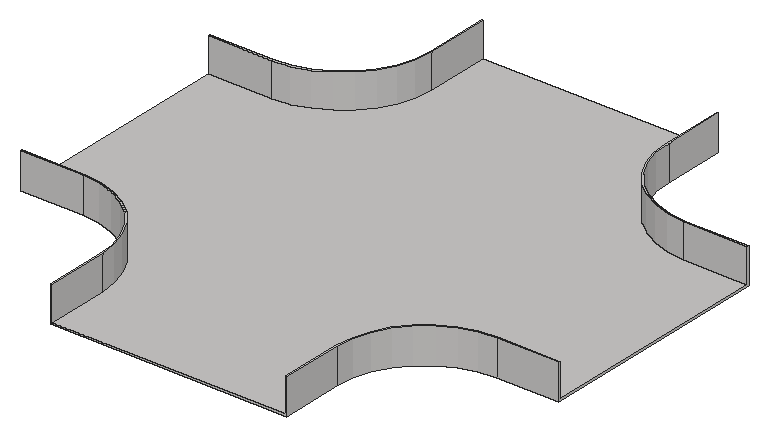
Revit family "Cable_Tray_Fitting-Ventilated_Tray-OBO_Bettermann-Channel_Horizontal_Cross_Over_400-600-MKS_Magic", category Cable Tray Fittings, Revit 2012
Parameters (values of type "Hot Dipped Galvanised")
  URL = "http://www.obo-bettermann.com/"
  Tray Width 3 [instance] = 400 mm
  Tray Width 1 [instance] = 400 mm
  Tray Length [instance] = 1.588 mm
  Tray Height [instance] = 60 mm
  built-in parameter 1140111 [instance] = 2.58 mm
  Radius Label 1 = Radius + 2.6 mm  # 152.6 mm
  Radius Label [instance] = Radius  # 150 mm
  Radius = 150 mm
  Product Page URL = "http://catalog2.obo-bettermann.com/catalogue/catalogue.do?favOid=kts_315277&act=showIO&lang=en&action=start&catId=KTS&forward=showSolutionView"
  Product Documentation Link = ""
  Pre Galvanized = yes
  Model = "MKS-Magic"
  Manufacturer = "OBO Bettermann"
  Description = "Ventilated Cable Tray"
  Connector Description 4 = "Connector for Cable Tray 4"  # constant formula
  Connector Description 3 = "Connector for Cable Tray 3"  # constant formula
  Connector Description 2 = "Connector for Cable Tray 2"  # constant formula
  Connector Description = "Connector for Cable Tray 1"  # constant formula
  Classification = "Refer to online Catalog for UL and cUL classifed sizes and wire sizes."
  Cable Tray Material = Metal - OBO Bettermann - Hot-Dipped-Galvanised
  Assembly Code = "D5030600"
Types (2, lengths in mm): name | Cable Tray Material
  Stripped Galvanised | Metal - OBO Bettermann - Strip-Galvanised
  Hot Dipped Galvanised | Metal - OBO Bettermann - Hot-Dipped-Galvanised
Reference planes
  plane 1 "Center (Front/Back)": y = 0
  plane 2: z = 0
  plane 3 "Center (Left/Right)": x = 0
  plane 4: y = 200
  plane 5: y = -200
  plane 6: z = 30
  plane 7: z = -30
  plane 8: y = -453.413
  plane 9: x = -200
  plane 10: x = 200
  plane 11: x = -453.412
  plane 12: x = 453.413
  plane 13: y = -197.42
  plane 14: y = 197.42
  plane 15: y = -455
  plane 16: x = -197.42
  plane 17: x = 197.42
  plane 18: x = -455
  plane 19: x = 455
  plane 20: z = -27.42
  plane 21: y = 453.412
  plane 22: y = 455
Forms (mm)
  Extrusion 1, solid, material "Metal - OBO Bettermann - Hot-Dipped-Galvanised" <- "Cable Tray Material", detail levels medium+fine
    sketch origin (377.212, 0, 0) x (1, 0, 0) y (0, 1, 0)
      loop
        line (-832.212, -197.42) -> (-832.212, -200) -> (-727.212, -200)
        arc (-727.212, -200) -> (-621.146, -243.934) -> (-577.212, -350) r 150
        line (-577.212, -350) -> (-577.212, -455) -> (-574.633, -455) -> (-574.633, -347.51)
        arc (-574.633, -347.51) -> (-619.308, -242.096) -> (-724.723, -197.42) r 152.6
        line (-724.723, -197.42) -> (-832.212, -197.42)
      loop
        line (-27.212, -200) -> (77.788, -200) -> (77.788, -197.42) -> (-29.702, -197.42)
        arc (-29.702, -197.42) -> (-135.117, -242.096) -> (-179.792, -347.51) r 152.6
        line (-179.792, -347.51) -> (-179.792, -455) -> (-177.212, -455) -> (-177.212, -350)
        arc (-177.212, -350) -> (-133.279, -243.934) -> (-27.212, -200) r 150
      loop
        line (-832.212, 197.42) -> (-724.723, 197.42)
        arc (-724.723, 197.42) -> (-619.308, 242.096) -> (-574.633, 347.51) r 152.6
        line (-574.633, 347.51) -> (-574.633, 455) -> (-577.212, 455) -> (-577.212, 350)
        arc (-577.212, 350) -> (-621.146, 243.934) -> (-727.212, 200) r 150
        line (-727.212, 200) -> (-832.212, 200) -> (-832.212, 197.42)
      loop
        arc (-27.212, 200) -> (-133.279, 243.934) -> (-177.212, 350) r 150
        line (-177.212, 350) -> (-177.212, 455) -> (-179.792, 455) -> (-179.792, 347.51)
        arc (-179.792, 347.51) -> (-135.117, 242.096) -> (-29.702, 197.42) r 152.6
        line (-29.702, 197.42) -> (77.788, 197.42) -> (77.788, 200) -> (-27.212, 200)
    from -30 to 30
  Extrusion 2, solid, material "Metal - OBO Bettermann - Hot-Dipped-Galvanised" <- "Cable Tray Material", detail levels medium+fine
    sketch origin (0, 0, 0) x (1, 0, 0) y (0, 1, 0)
      loop
        line (-455, 200) -> (-455, -200) -> (-350, -200)
        arc (-350, -200) -> (-243.934, -243.934) -> (-200, -350) r 150
        line (-200, -350) -> (-200, -455) -> (200, -455) -> (200, -350)
        arc (200, -350) -> (243.934, -243.934) -> (350, -200) r 150
        line (350, -200) -> (455, -200) -> (455, 200) -> (350, 200)
        arc (350, 200) -> (243.934, 243.934) -> (200, 350) r 150
        line (200, 350) -> (200, 455) -> (-200, 455) -> (-200, 350)
        arc (-200, 350) -> (-243.934, 243.934) -> (-350, 200) r 150
        line (-350, 200) -> (-455, 200)
    from -30 to -27.42
  Extrusion 3, solid, material "Metal - OBO Bettermann - Hot-Dipped-Galvanised" <- "Cable Tray Material", detail levels medium
    sketch origin (0, 0, 0) x (1, 0, 0) y (0, 1, 0)
      loop
        line (-455, 200) -> (-455, -200) -> (-350, -200)
        arc (-350, -200) -> (-243.934, -243.934) -> (-200, -350) r 150
        line (-200, -350) -> (-200, -455) -> (200, -455) -> (200, -350)
        arc (200, -350) -> (243.934, -243.934) -> (350, -200) r 150
        line (350, -200) -> (455, -200) -> (455, 200) -> (350, 200)
        arc (350, 200) -> (243.934, 243.934) -> (200, 350) r 150
        line (200, 350) -> (200, 455) -> (-200, 455) -> (-200, 350)
        arc (-200, 350) -> (-243.934, 243.934) -> (-350, 200) r 150
        line (-350, 200) -> (-455, 200)
    from -30 to 30
Cuts and joins
  joined: Extrusion 1, Extrusion 2
Lines and regions (mm)
  model lines, style "Coarse View", detail levels coarse
    curve 1: line (-455, 0, 0) -> (455, 0, 0)
    curve 2: line (0, 0, 0) -> (0, -455, 0)
    curve 3: line (0, 455, 0) -> (0, 0, 0)
  symbolic lines, detail levels fine
    curve 4: line (197.42, 455, 0) -> (197.42, 453.412, 0)
    curve 5: line (453.413, 197.42, 0) -> (455, 197.42, 0)
    curve 6: line (455, -197.42, 0) -> (453.413, -197.42, 0)
    curve 7: line (197.42, -453.413, 0) -> (197.42, -455, 0)
    curve 8: line (-197.42, -455, 0) -> (-197.42, -453.413, 0)
    curve 9: line (-453.412, -197.42, 0) -> (-455, -197.42, 0)
    curve 10: line (-200, -350, 0) -> (-200, -455, 0)
    curve 11: arc (-350, -200, 0) -> (-243.934, -243.934, 0) -> (-200, -350, 0) r 150
    curve 12: line (-455, -200, 0) -> (-350, -200, 0)
    curve 13: line (350, -200, 0) -> (455, -200, 0)
    curve 14: arc (200, -350, 0) -> (243.934, -243.934, 0) -> (350, -200, 0) r 150
    curve 15: line (200, -455, 0) -> (200, -350, 0)
    curve 16: line (200, 350, 0) -> (200, 455, 0)
    curve 17: arc (350, 200, 0) -> (243.934, 243.934, 0) -> (200, 350, 0) r 150
    curve 18: line (455, 200, 0) -> (350, 200, 0)
    curve 19: line (-350, 200, 0) -> (-455, 200, 0)
    curve 20: arc (-200, 350, 0) -> (-243.934, 243.934, 0) -> (-350, 200, 0) r 150
    curve 21: line (-200, 455, 0) -> (-200, 350, 0)
Dimensions and locks
  equal spacing: plane 4, plane 1 "Center (Front/Back)", plane 5
  "Tray Width 1": plane 4 to plane 5
  equal spacing: plane 6, plane 2, plane 7
  "Tray Height": plane 6 to plane 7
  equal spacing: plane 9, plane 3 "Center (Left/Right)", plane 10
  "Tray Width 3": plane 9 to plane 10
  "built-in parameter 1140111": plane 13 to plane 5
  "built-in parameter 1140111": plane 4 to plane 14
  "Tray Length": plane 8 to plane 15
  "built-in parameter 1140111": plane 9 to plane 16
  "built-in parameter 1140111": plane 17 to plane 10
  "Tray Length": plane 18 to plane 11
  "Tray Length": plane 12 to plane 19
  "built-in parameter 1140111": plane 20 to plane 7
  "Tray Length": plane 21 to plane 22
  locked: plane 18 to plane 9 at 255
  locked: plane 10 to plane 19 at 255
  equal spacing: plane 18, plane 3 "Center (Left/Right)", plane 19
  locked: plane 4 to plane 22 at 255
  locked: plane 5 to plane 15 at 255
  equal spacing: plane 15, plane 1 "Center (Front/Back)", plane 22
  "Radius Label": radius of Extrusion 3 sketch curve  (x4)
  "Radius Label": radius of Extrusion 1 sketch curve  (x4)
  "Radius Label 1": radius of Extrusion 1 sketch curve  (x4)
  aligned and locked: Extrusion 1 to plane 7
  aligned and locked: plane 6 to Extrusion 1
  aligned and locked: plane 5 to Extrusion 2 sketch curve
  aligned and locked: plane 19 to Extrusion 2 sketch curve
  aligned and locked: plane 9 to Extrusion 2 sketch curve
  aligned and locked: Extrusion 2 sketch curve to plane 15
  aligned and locked: Extrusion 2 to plane 7
  aligned and locked: plane 20 to Extrusion 2
  aligned and locked: plane 18 to Extrusion 3 sketch curve
  aligned and locked: Extrusion 3 sketch curve to plane 5
  aligned and locked: plane 4 to Extrusion 3 sketch curve  (x2)
  aligned and locked: plane 5 to Extrusion 3 sketch curve
  aligned and locked: plane 10 to Extrusion 3 sketch curve
  aligned and locked: plane 9 to Extrusion 3 sketch curve
  aligned and locked: Extrusion 3 sketch curve to plane 15
  aligned and locked: Extrusion 3 to plane 7
  aligned and locked: plane 6 to Extrusion 3
  aligned and locked: plane 19 to curve 1
  aligned and locked: plane 18 to curve 1
  aligned and locked: plane 15 to curve 2
  aligned and locked: plane 1 "Center (Front/Back)" to curve 2
  aligned and locked: curve 2 to plane 3 "Center (Left/Right)"
  aligned and locked: plane 22 to curve 3
  aligned and locked: curve 3 to plane 3 "Center (Left/Right)"
  aligned and locked: plane 18 to curve 9
  aligned and locked: plane 15 to curve 8
  aligned and locked: plane 15 to curve 7
  aligned and locked: plane 19 to curve 6
  aligned and locked: plane 19 to curve 5
  aligned and locked: plane 22 to curve 4
  aligned and locked: Extrusion 2 sketch curve to cut or joined group of Extrusion 1, Extrusion 2  (x8)
  aligned and locked: curve 11 to cut or joined group of Extrusion 1, Extrusion 2
  aligned and locked: curve 12 to cut or joined group of Extrusion 1, Extrusion 2
  aligned and locked: curve 14 to cut or joined group of Extrusion 1, Extrusion 2
  aligned and locked: curve 17 to cut or joined group of Extrusion 1, Extrusion 2
  aligned and locked: curve 18 to cut or joined group of Extrusion 1, Extrusion 2
  aligned and locked: curve 20 to cut or joined group of Extrusion 1, Extrusion 2
  aligned and locked: curve 21 to cut or joined group of Extrusion 1, Extrusion 2
Automatic sketch dimensions
  curve 9 to plane 11 = 0 mm
  curve 7 to plane 8 = 0 mm
  curve 7 to plane 17 = 0 mm
  curve 4 to plane 17 = 0 mm
  curve 6 to plane 13 = 0 mm
  curve 9 to plane 13 = 0 mm
  Extrusion 3 sketch curve to plane 9 = 0 mm
  Extrusion 3 sketch curve to plane 10 = 0 mm
  Extrusion 3 sketch curve to plane 19 = 0 mm
  plane 22 to Extrusion 3 sketch curve = 0 mm
  Extrusion 1 sketch curve to Extrusion 1 sketch curve = 0 mm  (x8)
  Extrusion 1 sketch curve to plane 13 = 0 mm  (x2)
  Extrusion 1 sketch curve to plane 18 = 0 mm  (x2)
  Extrusion 1 sketch curve to plane 4 = 0 mm  (x2)
  Extrusion 1 sketch curve to plane 5 = 0 mm  (x2)
  Extrusion 1 sketch curve to plane 14 = 0 mm  (x2)
  Extrusion 1 sketch curve to plane 9 = 0 mm  (x2)
  Extrusion 1 sketch curve to plane 16 = 0 mm  (x2)
  Extrusion 1 sketch curve to plane 17 = 0 mm  (x2)
  Extrusion 1 sketch curve to plane 10 = 0 mm  (x2)
  Extrusion 1 sketch curve to plane 19 = 0 mm  (x2)
  Extrusion 1 sketch curve to plane 15 = 0 mm  (x2)
  plane 22 to Extrusion 1 sketch curve = 0 mm  (x2)
  Extrusion 2 sketch curve to plane 18 = 0 mm
  plane 22 to Extrusion 2 sketch curve = 0 mm
  curve 10 to plane 15 = 0 mm
  curve 12 to plane 18 = 0 mm
  curve 8 to plane 8 = 0 mm
  curve 8 to plane 16 = 0 mm
  curve 6 to plane 12 = 0 mm
  curve 13 to plane 19 = 0 mm
  curve 15 to plane 15 = 0 mm
  plane 22 to curve 16 = 0 mm
  curve 18 to plane 19 = 0 mm
  curve 5 to plane 12 = 0 mm
  curve 5 to plane 14 = 0 mm
  plane 21 to curve 4 = 0 mm
  curve 19 to plane 18 = 0 mm
  plane 22 to curve 21 = 0 mm
Connectors
  cabletrayconduit at (-455, 0, 0), driven by "Tray Height", driven by "Tray Width 1", driven by "Connector Description"
    settings: on Extrusion 3, index 1, connector width 400 mm, connector height 60 mm, connector radius 304.8 mm, connector angle 0.00°, system type 32, placement type 0, profile type 1, connector reference index 2, is primary connector yes, connector utility param no, connector description "Connector for Cable Tray 1"
  cabletrayconduit at (455, 0, 0), driven by "Tray Height", driven by "Tray Width 1", driven by "Connector Description 2"
    settings: on Extrusion 3, index 2, connector width 400 mm, connector height 60 mm, connector radius 304.8 mm, connector angle 0.00°, system type 32, placement type 0, profile type 1, connector reference index 1, is primary connector no, connector utility param no, connector description "Connector for Cable Tray 2"
  cabletrayconduit at (0, -455, 0), driven by "Tray Height", driven by "Tray Width 3", driven by "Connector Description 3"
    settings: on Extrusion 3, index 3, connector width 400 mm, connector height 60 mm, connector radius 304.8 mm, connector angle 0.00°, system type 32, placement type 0, profile type 1, connector reference index 4, is primary connector no, connector utility param no, connector description "Connector for Cable Tray 3"
  cabletrayconduit at (0, 455, 0), driven by "Tray Height", driven by "Tray Width 3", driven by "Connector Description 4"
    settings: on Extrusion 3, index 4, connector width 400 mm, connector height 60 mm, connector radius 304.8 mm, connector angle 0.00°, system type 32, placement type 0, profile type 1, connector reference index 3, is primary connector no, connector utility param no, connector description "Connector for Cable Tray 4"
